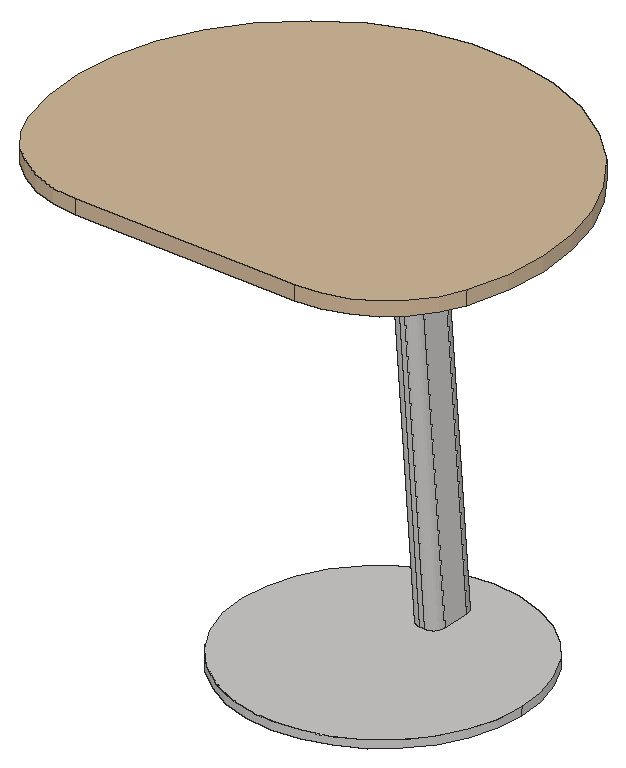
Revit family "mark-product-otto_R19", category Furniture, Revit 2019
Family settings
  OmniClass Number = 23.40.20.00
  OmniClass Title = General Furniture and Specialties
  Work Plane-Based = No
  Always vertical = Yes
  Cut with Voids When Loaded = No
  Shared = No
  Room Calculation Point = No
Parameters
  table_position = Table_height * 0.088  # 55 mm
  URL = "https://www.markproduct.com"
  Table_top_material = Maple
  Table_height = 625 mm
  Model = ""
  Manufacturer = "Mark Product"  # constant formula
  Legs_material = Metal, Sheeting Rails
Reference planes
  plane 1 "Center (Front/Back)": y = 0
  plane 2: z = 0
  plane 3 "Center (Left/Right)": x = 0
  plane 4 "Center L/S": y = 937.5
  plane 5 "Center L/T": y = -937.5
  plane 6 "Tabel top": z = 625
  plane 7 "Center L/U": x = 815
  plane 8 "Center L/V": y = 1312.5
  plane 9 "Center L/W": y = -1312.5
  plane 10 "Center L/X": x = -750
  plane 11: y = 250
  plane 12: through (0, 113.142, 608.497) normal (0, -0.9962, -0.0872)
  plane 13: y = -249.662
  plane 14: y = -194.662
  plane 15: z = 600
Forms (mm)
  Sweep 1, solid, material "Metal, Sheeting Rails" <- "Legs_material"
    path origin (0, 0, 0) x (0, 1, 0) y (0, 0, 1)
      loop
        line (170.612, -48.382) -> (111.699, 625)
    profile origin (0, 141.155, 288.309) x (0, -0.996195, -0.087156) y (1, 0, 0)
      loop
        arc (-30, -3) -> (-26.485, -11.485) -> (-18, -15) r 12
        line (-18, -15) -> (18, -15)
        arc (18, -15) -> (26.485, -11.485) -> (30, -3) r 12
        line (30, -3) -> (30, 3)
        arc (30, 3) -> (26.485, 11.485) -> (18, 15) r 12
        line (18, 15) -> (-18, 15)
        arc (-18, 15) -> (-26.485, 11.485) -> (-30, 3) r 12
        line (-30, 3) -> (-30, -3)
  Extrusion 2, void
    sketch origin (0, 0, 0) x (1, 0, 0) y (0, 1, 0)
      loop
        line (-39.872, 250) -> (-39.872, 110) -> (40.128, 110) -> (40.128, 250) -> (-39.872, 250)
    from -61.591 to 0
  Extrusion 3, void
    sketch origin (-1041.783, -1655.679, 625) x (0, -1, 0) y (-1, 0, 0)
      loop
        line (-1905.679, -996.41) -> (-1905.679, -1086.41) -> (-1461.017, -1086.41) -> (-1461.017, -996.41) -> (-1905.679, -996.41)
    from 18 to -20
  Sweep 4, solid, material "Metal, Sheeting Rails" <- "Legs_material"
    path origin (0, 0, 0) x (0, 1, 0) y (0, 0, 1)
      loop
        line (167.58, -13.723) -> (113.886, 600)
    profile origin (0, 140.733, 293.139) x (0, -0.996195, -0.087156) y (1, 0, 0)
      loop
        arc (-30, -3) -> (-26.485, -11.485) -> (-18, -15) r 12
        line (-18, -15) -> (18, -15)
        arc (18, -15) -> (26.485, -11.485) -> (30, -3) r 12
        line (30, -3) -> (30, 3)
        arc (30, 3) -> (26.485, 11.485) -> (18, 15) r 12
        line (18, 15) -> (-18, 15)
        arc (-18, 15) -> (-26.485, 11.485) -> (-30, 3) r 12
        line (-30, 3) -> (-30, -3)
      loop
        line (-18, -17) -> (18, -17)
        arc (18, -17) -> (27.899, -12.899) -> (32, -3) r 14
        line (32, -3) -> (32, 3)
        arc (32, 3) -> (27.899, 12.899) -> (18, 17) r 14
        line (18, 17) -> (-18, 17)
        arc (-18, 17) -> (-27.899, 12.899) -> (-32, 3) r 14
        line (-32, 3) -> (-32, -3)
        arc (-32, -3) -> (-27.899, -12.899) -> (-18, -17) r 14
  Extrusion 5, void
    sketch origin (0, 0, 0) x (0, 1, 0) y (0, 0, 1)
      loop
        line (163.831, 613.08) -> (58.388, 613.08) -> (58.388, 590.604) -> (163.831, 590.604) -> (163.831, 613.08)
    from 30 to -30
  Extrusion 6, solid, material "Metal, Sheeting Rails" <- "Legs_material"
    sketch origin (0, 0, 0) x (1, 0, 0) y (0, 1, 0)
      loop
        circle (0, 68.889) r 180
    from 0 to 10
  Extrusion 7, solid, material "Maple" <- "Table_top_material"
    sketch origin (0, 0, 0.823) x (1, 0, 0) y (0, 0, 1)
      loop
        arc (-2, 584.177) -> (-3.414, 583.591) -> (-4, 582.177) r 2
        line (-4, 582.177) -> (-4, 561.177)
        arc (-4, 561.177) -> (-3.414, 559.763) -> (-2, 559.177) r 2
        line (-2, 559.177) -> (2, 559.177)
        arc (2, 559.177) -> (3.414, 559.763) -> (4, 561.177) r 2
        line (4, 561.177) -> (4, 582.177)
        arc (4, 582.177) -> (3.414, 583.591) -> (2, 584.177) r 2
        line (2, 584.177) -> (-2, 584.177)
    from -89.064 to -74.909
Cuts and joins
  Extrusion 2, Extrusion 3 cuts Sweep 1
  Extrusion 2, Extrusion 5 cuts Sweep 4
  joined: Sweep 1, Sweep 4, Extrusion 6
Dimensions and locks
  plane 10 "Center L/X" to plane 7 "Center L/U" = 1565 mm
  plane 9 "Center L/W" to plane 8 "Center L/V" = 2625 mm
  "Table_height": plane 6 "Tabel top" to level
  "table_position": plane 14 to plane 13
  aligned and locked: level to plane 2
  aligned and locked: plane 3 "Center (Left/Right)" to nested 1
  aligned and locked: plane 6 "Tabel top" to Sweep 1 sketch curve
  aligned and locked: plane 6 "Tabel top" to nested 1
  aligned and locked: plane 13 to nested 1
  aligned and locked: Extrusion 3 to plane 14
  aligned and locked: Sweep 4 sketch curve to plane 12
  aligned and locked: plane 15 to Sweep 4 sketch curve
Automatic sketch dimensions
  plane 12 to Sweep 1 sketch curve = 0 mm  (x2)
  Sweep 1 sketch curve to level = 48.382 mm
  Sweep 1 sketch curve to plane 3 "Center (Left/Right)" = 3 mm  (x2)
  profile plane to Sweep 1 sketch curve = 30 mm
  plane 3 "Center (Left/Right)" to Sweep 1 sketch curve = 3 mm
  Sweep 1 sketch curve to Sweep 1 sketch curve = 12 mm
  Sweep 1 sketch curve to plane 3 "Center (Left/Right)" = 15 mm
  Sweep 1 sketch curve to profile plane = 18 mm
  Sweep 1 sketch curve to Sweep 1 sketch curve = 0 mm
  plane 11 to Extrusion 2 sketch curve = 0 mm
  Extrusion 2 sketch curve to plane 3 "Center (Left/Right)" = 39.872 mm
  plane 3 "Center (Left/Right)" to Extrusion 2 sketch curve = 40.128 mm
  plane 11 to Extrusion 2 sketch curve = 140 mm
  plane 11 to Extrusion 3 sketch curve = 0 mm
  plane 1 "Center (Front/Back)" to Extrusion 3 sketch curve = 194.662 mm
  Extrusion 3 sketch curve to plane 3 "Center (Left/Right)" = 45.373 mm
  plane 3 "Center (Left/Right)" to Extrusion 3 sketch curve = 44.627 mm
  Sweep 4 sketch curve to plane 3 "Center (Left/Right)" = 3 mm
  profile plane to Sweep 4 sketch curve = 30 mm
  plane 3 "Center (Left/Right)" to Sweep 4 sketch curve = 3 mm  (x2)
  Sweep 4 sketch curve to Sweep 4 sketch curve = 12 mm
  Sweep 4 sketch curve to plane 3 "Center (Left/Right)" = 15 mm
  Sweep 4 sketch curve to profile plane = 18 mm
  Sweep 4 sketch curve to Sweep 4 sketch curve = 0 mm  (x8)
  Sweep 4 sketch curve to Sweep 4 sketch curve = 2 mm
  Sweep 4 sketch curve to level = 13.723 mm
  plane 15 to Extrusion 5 sketch curve = 13.08 mm
  Extrusion 5 sketch curve to plane 1 "Center (Front/Back)" = 58.388 mm
  Extrusion 5 sketch curve to plane 15 = 9.396 mm
  Extrusion 5 sketch curve to Extrusion 5 sketch curve = 105.444 mm
  Extrusion 6 sketch curve to plane 3 "Center (Left/Right)" = 0 mm
  Extrusion 6 sketch curve to plane 1 "Center (Front/Back)" = 68.889 mm
  Extrusion 7 sketch curve to plane 3 "Center (Left/Right)" = 4 mm
  Extrusion 7 sketch curve to plane 3 "Center (Left/Right)" = 2 mm  (x2)
  plane 3 "Center (Left/Right)" to Extrusion 7 sketch curve = 2 mm  (x2)
  Extrusion 7 sketch curve to plane 15 = 40 mm
  Extrusion 7 sketch curve to Extrusion 7 sketch curve = 2 mm
  Extrusion 7 sketch curve to plane 15 = 17 mm
  radius of Extrusion 6 sketch curve = 180 mm
Nested families
  nested 1: "mark-product-otto-top_R19" at (0, -87.5, 625), type "1565x2625mm"
Definition of nested family "mark-product-otto-top_R19"
  Parameters (values of type "1565x2625mm")
    URL = "https://www.markproduct.com/"
    Table_top_material = none
    Model = ""
    Manufacturer = "Mark Product"  # constant formula
    Default Elevation = 1219.2 mm
  Reference planes
    plane 1 "Center (Front/Back)": y = 0
    plane 2: z = 0
    plane 3 "Center (Left/Right)": x = 0
    plane 4: through (0, 100, 607) normal (0, -0.9903, -0.1392)
    plane 5: y = -162.162
  Forms (mm)
    Extrusion 1, solid, material <- "Table_top_material"
      sketch origin (0, 87.838, 0) x (1, 0, 0) y (0, 1, 0)
        loop
          line (-141.946, -250) -> (141.946, -250)
          arc (141.946, -250) -> (228.668, -222.39) -> (283.464, -149.723) r 150
          arc (283.464, -149.723) -> (295.203, 5.466) -> (227.608, 145.653) r 300
          arc (227.608, 145.653) -> (0, 249.919) -> (-227.608, 145.653) r 300.564
          arc (-227.608, 145.653) -> (-295.203, 5.466) -> (-283.464, -149.723) r 300
          arc (-283.464, -149.723) -> (-228.668, -222.39) -> (-141.946, -250) r 150
      from -18 to 0
  Dimensions and locks
    locked: plane 5 to plane 1 "Center (Front/Back)" at 162.162
    aligned and locked: level to plane 2
  Automatic sketch dimensions
    Extrusion 1 sketch curve to plane 3 "Center (Left/Right)" = 0 mm
    Extrusion 1 sketch curve to plane 3 "Center (Left/Right)" = 0.427 mm
    Extrusion 1 sketch curve to plane 3 "Center (Left/Right)" = 141.946 mm
    plane 3 "Center (Left/Right)" to Extrusion 1 sketch curve = 0.427 mm
    plane 3 "Center (Left/Right)" to Extrusion 1 sketch curve = 141.946 mm
    plane 1 "Center (Front/Back)" to Extrusion 1 sketch curve = 162.162 mm
    plane 1 "Center (Front/Back)" to Extrusion 1 sketch curve = 12.162 mm  (x2)
    Extrusion 1 sketch curve to plane 1 "Center (Front/Back)" = 37.193 mm
    Extrusion 1 sketch curve to Extrusion 1 sketch curve = 0.368 mm  (x2)
    Extrusion 1 sketch curve to plane 1 "Center (Front/Back)" = 233.491 mm
    Extrusion 1 sketch curve to Extrusion 1 sketch curve = 0 mm  (x2)
